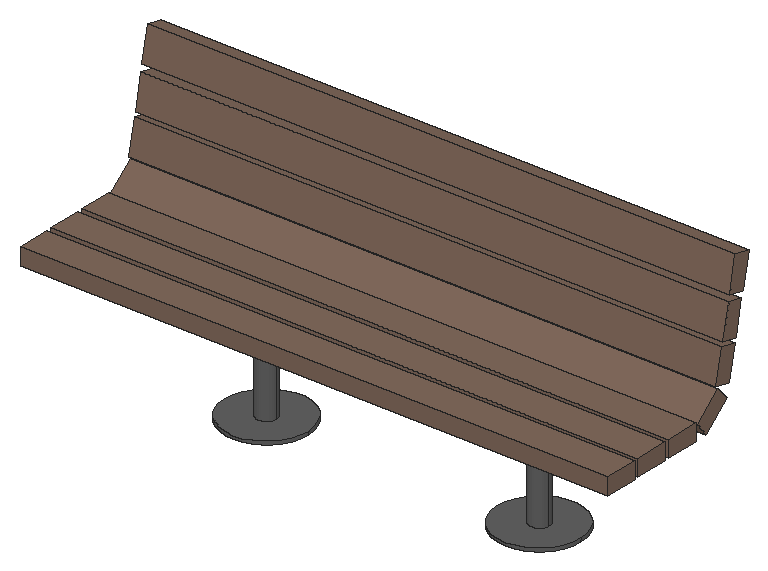
Revit family
Parameters (values of type "AV1-1020")
  URL = "http://www.sitescapesonline.com/index.asp"
  Type Comments = "Backed Bench"
  Side Panel Width = 2' - 8 1/2"
  Seat Material = Wood - SiteScapes - IPE - Brown
  Product Page URL = "http://www.sitescapesonline.com/avondale-park-benches.asp"
  Product Documentation Link = "http://www.sitescapesonline.com/PDF/AV1-1020%20-%20Customer%20Print.PDF"
  Panel Seat Inset Bottom = 1' - 4 9/16"
  Panel Seat Inset Back = 1' - 11 1/4"
  Panel Back Width = 5' - 10"
  Model = "AV1-1020"
  Manufacturer = "SiteScapes Inc."  # constant formula
  Length = 6' - 0"
  Height = 2' - 8 241/256"
  Frame Width = 5' - 10"
  Frame Side Back Inset Back = 0' - 3 19/32"
  Frame Material = Steel - SiteScapes - Powder Coat - Onyx
  Frame Back Inset Bottom = 2' - 7 9/16"
  Frame Back Inset Back = 0' - 1 3/32"
  Description = "Six foot, Backed Bench, Surface Mount"
  Depth = 1' - 9 3/32"
  Copyright © = "2010 SiteScapes Inc."  # constant formula
  Center Armrest Inset Back = 0' - 6"
  Bracing Inset Bottom = 1' - 2 23/32"
  Bracing Inset Back = 1' - 10 23/128"
  Armrest Inset Bottom = 1' - 5 15/16"
  Arm Rest Inset Back = 1' - 8"
  Arm Rest Center = Unused-SiteScapes-Component : Empty Space
  Seat Panel = Seat-Panel-SiteScapes-Post_Mount : Wood_Slats-6ft
  Back Type = Frame-Back-SiteScapes-Post_Mount : 5 5/8"x1' 3 13/32"
  Bench End = Bench-End-SiteScapes-Post_Mount : 27 3/4"x33 7/8"
Reference planes (in)
  plane 1 "Center Front/Back": y = 0
  plane 2 "Original Bottom": z = 0
  plane 3 "Center Left/Right": x = 0
  plane 4 "Left": x = -36
  plane 5 "Right": x = 36
  plane 6 "Side Panel Width L": x = -17.25
  plane 7 "Side Panel Width R": x = 17.25
  plane 8 "Front": y = -21.09375
  plane 9 "Frame Side Origin F/B": y = -3.59375
  plane 10 "Frame Side Origin T/B": z = 0
  plane 11 "Frame Back Origin F/B": y = -1.09375
  plane 12 "Frame Back Origin T/B": z = 31.5625
  plane 13 "Bracing Origin F/B": y = -22.17969
  plane 14 "Bracing Origin T/B": z = 14.71875
  plane 15 "Panel Seat Origin F/B": y = -23.25
  plane 16 "Panel Seat Origin T/B": z = 16.5625
  plane 17 "Panel Back Origin F/B": y = -2.1875
  plane 18 "Panel Back Origin T/B": z = 32.94141
  plane 19 "Panel Side Origin F/B": y = -5.5
  plane 20 "Panel Side Origin T/B": z = 14.72
  plane 21 "Top": z = 32.94141
  plane 22 "Side Panel Right": x = 16.25
  plane 23 "Side Panel Left": x = -16.25
  plane 24 "Arm Rest Origin T/B": z = 17.9375
  plane 25 "Arm Rest Origin F/B": y = -6
Dimensions and locks (in)
  equal spacing: plane 4 "Left", plane 3 "Center Left/Right", plane 5 "Right"
  "Length": plane 4 "Left" to plane 5 "Right"
  locked: plane 6 "Side Panel Width L" to plane 23 "Side Panel Left" at 1
  locked: plane 22 "Side Panel Right" to plane 7 "Side Panel Width R" at 1
  "Frame Back Inset Back": plane 11 "Frame Back Origin F/B" to plane 1 "Center Front/Back"  (x2)
  locked: plane 17 "Panel Back Origin F/B" to plane 1 "Center Front/Back" at 2.1875
  locked: plane 19 "Panel Side Origin F/B" to plane 1 "Center Front/Back" at 5.5
  "Bracing Inset Back": plane 13 "Bracing Origin F/B" to plane 1 "Center Front/Back"
  "Panel Seat Inset Back": plane 15 "Panel Seat Origin F/B" to plane 1 "Center Front/Back"
  "Depth": plane 8 "Front" to plane 1 "Center Front/Back"
  locked: plane 10 "Frame Side Origin T/B" to plane 2 "Original Bottom"
  "Frame Back Inset Bottom": plane 12 "Frame Back Origin T/B" to plane 2 "Original Bottom"
  locked: plane 18 "Panel Back Origin T/B" to plane 2 "Original Bottom" at 32.94141
  "Bracing Inset Bottom": plane 14 "Bracing Origin T/B" to plane 2 "Original Bottom"
  locked: plane 20 "Panel Side Origin T/B" to plane 2 "Original Bottom" at 14.72
  "Panel Seat Inset Bottom": plane 16 "Panel Seat Origin T/B" to plane 2 "Original Bottom"
  "Height": plane 21 "Top" to plane 2 "Original Bottom"
  equal spacing: plane 23 "Side Panel Left", plane 3 "Center Left/Right", plane 22 "Side Panel Right"
  "Side Panel Width": plane 23 "Side Panel Left" to plane 22 "Side Panel Right"
  "Armrest Inset Bottom": plane 24 "Arm Rest Origin T/B" to plane 2 "Original Bottom"
  "Center Armrest Inset Back": plane 25 "Arm Rest Origin F/B" to plane 1 "Center Front/Back"
  "Frame Side Back Inset Back": plane 9 "Frame Side Origin F/B" to plane 1 "Center Front/Back"
  aligned and locked: level to plane 2 "Original Bottom"
  aligned: nested 1 to plane 5 "Right"
  aligned: plane 4 "Left" to nested 2
  aligned: nested 1 to plane 10 "Frame Side Origin T/B"
  aligned: nested 1 to plane 9 "Frame Side Origin F/B"  (x2)
  aligned and locked: plane 3 "Center Left/Right" to nested 3
  aligned: nested 3 to plane 17 "Panel Back Origin F/B"
  aligned: plane 18 "Panel Back Origin T/B" to nested 3
  aligned and locked: plane 14 "Bracing Origin T/B" to nested 4
  aligned and locked: plane 13 "Bracing Origin F/B" to nested 4
  aligned and locked: plane 3 "Center Left/Right" to nested 4
  aligned: plane 15 "Panel Seat Origin F/B" to nested 5
  aligned and locked: plane 3 "Center Left/Right" to nested 5
  aligned: plane 10 "Frame Side Origin T/B" to nested 1  (x2)
  aligned: plane 16 "Panel Seat Origin T/B" to nested 5
  aligned: nested 1 to plane 22 "Side Panel Right"
  aligned: plane 23 "Side Panel Left" to nested 2
  aligned and locked: plane 20 "Panel Side Origin T/B" to nested 6
  aligned and locked: nested 6 to plane 19 "Panel Side Origin F/B"
  aligned and locked: nested 7 to plane 19 "Panel Side Origin F/B"
  aligned and locked: plane 20 "Panel Side Origin T/B" to nested 7
  aligned and locked: plane 23 "Side Panel Left" to nested 7
  aligned and locked: nested 6 to plane 22 "Side Panel Right"
  aligned and locked: nested 8 to plane 25 "Arm Rest Origin F/B"
  aligned and locked: plane 24 "Arm Rest Origin T/B" to nested 8
  aligned and locked: plane 3 "Center Left/Right" to nested 8
  aligned and locked: plane 10 "Frame Side Origin T/B" to nested 2
  aligned: nested 2 to plane 9 "Frame Side Origin F/B"
  aligned and locked: nested 5 to nested 9
  aligned and locked: nested 3 to nested 9
  aligned: plane 24 "Arm Rest Origin T/B" to nested 9
  aligned and locked: nested 2 to plane 23 "Side Panel Left"
  aligned and locked: nested 1 to plane 22 "Side Panel Right"
  aligned and locked: plane 16 "Panel Seat Origin T/B" to nested 5
  aligned and locked: plane 15 "Panel Seat Origin F/B" to nested 5
  aligned: plane 17 "Panel Back Origin F/B" to nested 9
  aligned and locked: nested 11 to plane 11 "Frame Back Origin F/B"
  aligned and locked: plane 12 "Frame Back Origin T/B" to nested 11
  aligned and locked: nested 3 to plane 17 "Panel Back Origin F/B"
  aligned and locked: plane 9 "Frame Side Origin F/B" to nested 1
  aligned and locked: plane 9 "Frame Side Origin F/B" to nested 2
  aligned and locked: plane 1 "Center Front/Back" to nested 10
  aligned and locked: plane 2 "Original Bottom" to nested 10
Nested families (in)
  nested 1: "Bench-End-SiteScapes-Post_Mount" at (16.25, -8.59375, 0), type <- "Bench End", type "27 3/4"x33 7/8""
  nested 2: "Bench-End-SiteScapes-Post_Mount" at (-16.25, -8.59375, 0), type <- "Bench End", type "27 3/4"x33 7/8""
  nested 3: "Unused-SiteScapes-Component" at (0, -2.1875, 17.29523), type "Empty Space", not visible
  nested 4: "Unused-SiteScapes-Component" at (0, -20.17969, 12.71875), type "Empty Space"
  nested 5: "Seat-Panel-SiteScapes-Post_Mount" at (0, -1.11544, 15.5625), type <- "Seat Panel", type "Wood_Slats-6ft"
  nested 6: "Unused-SiteScapes-Component" at (14.25, -5.5, 14.72), type "Empty Space"
  nested 7: "Unused-SiteScapes-Component" at (-14.25, -5.5, 14.72), type "Empty Space"
  nested 8: "Unused-SiteScapes-Component" at (0, -6, 17.9375), type <- "Arm Rest Center", type "Empty Space"
  nested 9: "Unused-SiteScapes-Component" at (-35.25, -2.1875, 15.5625), type "Empty Space", not visible
  nested 10: "Unused-SiteScapes-Component" at (35, -2, 0), type "Empty Space"
  nested 11: "Frame-Back-SiteScapes-Post_Mount" at (0, -1.09375, 15.5625), type <- "Back Type", type "5 5/8"x1' 3 13/32""
Definition of nested family "Bench-End-SiteScapes-Post_Mount"
  Parameters (values of type "2 3/8"x1 3/4"")
    URL = "http://www.sitescapesonline.com/index.asp"
    Post Diameter = 0' - 2 3/8"
    Manufacturer = "SiteScapes Inc."  # constant formula
    Diameter = 0' - 10"
    Product Page URL = ""
    Product Documentation Link = ""
    Material = Steel - SiteScapes - Powder Coat - Onyx
    Height = 1' - 3 1/4"
    Copyright © = "2010 SiteScapes Inc."  # constant formula
    Assembly Code = ""
  Types (2): name | Height
    2 3/8"x1 3/4" | 1' - 3 1/4"
    27 3/4"x33 7/8" | 1' - 2"
  Reference planes (in)
    plane 1 "Post Center (Front/Back)": y = 0
    plane 2 "Original Bottom": z = 0
    plane 3 "Center (Left/Right)": x = 0
    plane 4 "Left": x = -5
    plane 5 "Right": x = 5
    plane 6 "Front": y = -5
    plane 7 "Top": z = 15.25
    plane 8 "Post Right": x = 1.1875
    plane 9 "Plate Left": x = -1.1875
    plane 10 "Post Front": y = -1.1875
    plane 11 "Center (Front/Back)": y = 5
    plane 12 "Bottom Base": z = 0.375
    plane 13 "Post Back": y = 1.1875
  Forms (in)
    Extrusion 1, solid, material "Steel - SiteScapes - Powder Coat - Onyx" <- "Material", detail levels medium+fine
      sketch origin (-6, -23.5, 0) x (1, 0, 0) y (0, 1, 0)
        loop
          circle (6, 23.5) r 5
      from 0 to 0.375
    Extrusion 2, solid, material "Steel - SiteScapes - Powder Coat - Onyx" <- "Material", detail levels medium+fine
      sketch origin (-6, -23.5, 0) x (1, 0, 0) y (0, 1, 0)
        loop
          circle (6, 23.5) r 1.1875
      from 0.375 to 15.25
  Lines and regions (in)
    Masking region 1, detail levels medium+fine
      outline origin (-0.23104, -2.35657, 0) x (1, 0, 0) y (0, 1, 0)
        loop
          circle (0.23102, 2.35657) r 5
    Masking region 2, detail levels medium+fine
      outline origin (0, 0, 0) x (0, 1, 0) y (0, 0, 1)
        loop
          line (-1.1875, 15.25) -> (-1.1875, 0.375) -> (-5, 0.375) -> (-5, 0) -> (5, 0) -> (5, 0.375) -> (1.1875, 0.375) -> (1.1875, 15.25) -> (-1.1875, 15.25)
    Masking region 3, detail levels medium+fine
      outline origin (0, -5, 0) x (-1, 0, 0) y (0, 0, 1)
        loop
          line (1.1875, 15.25) -> (-1.1875, 15.25) -> (-1.1875, 0.375) -> (-5, 0.375) -> (-5, 0) -> (5, 0) -> (5, 0.375) -> (1.1875, 0.375) -> (1.1875, 15.25)
    model lines, style "Bench Frame", detail levels coarse
      curve 1: circle (0, 0, 0) r 5 normal (0, 0, 1)
      curve 2: line (0, 0, 0) -> (0, 0, 15.25)
  Dimensions and locks (in)
    "Height": plane 7 "Top" to plane 2 "Original Bottom"
    locked: plane 12 "Bottom Base" to plane 2 "Original Bottom" at 0.375
    equal spacing: plane 11 "Center (Front/Back)", plane 1 "Post Center (Front/Back)", plane 6 "Front"
    "Diameter": plane 11 "Center (Front/Back)" to plane 6 "Front"
    equal spacing: plane 9 "Plate Left", plane 3 "Center (Left/Right)", plane 8 "Post Right"
    equal spacing: plane 13 "Post Back", plane 1 "Post Center (Front/Back)", plane 10 "Post Front"
    "Post Diameter": plane 13 "Post Back" to plane 10 "Post Front"
    "Diameter": plane 4 "Left" to plane 5 "Right"
    equal spacing: plane 4 "Left", plane 3 "Center (Left/Right)", plane 5 "Right"
    "Post Diameter": plane 9 "Plate Left" to plane 8 "Post Right"
    aligned and locked: plane 2 "Original Bottom" to level
    aligned and locked: Extrusion 2 to Extrusion 1
    aligned and locked: plane 12 "Bottom Base" to Extrusion 1
    aligned and locked: Extrusion 1 to plane 2 "Original Bottom"
    aligned and locked: plane 1 "Post Center (Front/Back)" to Extrusion 2 sketch curve  (x3)
    aligned and locked: plane 3 "Center (Left/Right)" to Extrusion 2 sketch curve
    aligned and locked: plane 9 "Plate Left" to Extrusion 2 sketch curve
    aligned and locked: plane 1 "Post Center (Front/Back)" to Extrusion 1 sketch curve  (x2)
    aligned and locked: plane 4 "Left" to Extrusion 1 sketch curve
    aligned and locked: plane 5 "Right" to Extrusion 1 sketch curve
    aligned and locked: plane 10 "Post Front" to Masking region 2 sketch curve
    aligned and locked: Masking region 2 sketch curve to plane 13 "Post Back"
    aligned and locked: plane 12 "Bottom Base" to Masking region 2 sketch curve
    aligned and locked: Masking region 2 sketch curve to plane 6 "Front"
    aligned and locked: plane 11 "Center (Front/Back)" to Masking region 2 sketch curve
    aligned and locked: Masking region 2 sketch curve to plane 12 "Bottom Base"
    aligned and locked: Masking region 3 to plane 7 "Top"
    aligned and locked: Masking region 3 to plane 8 "Post Right"
    aligned and locked: Masking region 3 to plane 9 "Plate Left"
    aligned and locked: Masking region 3 to plane 4 "Left"
    aligned and locked: Masking region 3 to plane 5 "Right"
    aligned and locked: level to Masking region 3
    aligned and locked: Masking region 3 to plane 12 "Bottom Base"  (x2)
    aligned and locked: plane 7 "Top" to Masking region 2
    aligned and locked: Masking region 2 to level
    aligned and locked: curve 1 to Extrusion 1  (x2)
    aligned and locked: Masking region 2 sketch curve to plane 7 "Top"
    aligned and locked: Masking region 2 sketch curve to plane 2 "Original Bottom"
    aligned and locked: plane 2 "Original Bottom" to curve 2
    aligned and locked: curve 2 to plane 1 "Post Center (Front/Back)"
    aligned and locked: plane 7 "Top" to curve 2
    aligned and locked: plane 3 "Center (Left/Right)" to Masking region 1 sketch curve
    aligned and locked: plane 11 "Center (Front/Back)" to Masking region 1 sketch curve
    aligned and locked: Masking region 3 sketch curve to plane 12 "Bottom Base"  (x2)
    aligned and locked: Masking region 3 sketch curve to plane 5 "Right"
    aligned and locked: plane 2 "Original Bottom" to Masking region 3 sketch curve
    aligned and locked: Masking region 3 sketch curve to plane 8 "Post Right"
    aligned and locked: Masking region 3 sketch curve to plane 9 "Plate Left"
    aligned and locked: Masking region 3 sketch curve to plane 4 "Left"
    aligned and locked: Masking region 3 sketch curve to plane 7 "Top"
    aligned and locked: plane 7 "Top" to Extrusion 2
  Automatic sketch dimensions
    Masking region 1 sketch curve to Masking region 1 sketch curve = 0' - 0"
    plane 1 "Post Center (Front/Back)" to Masking region 1 sketch curve = 0' - 0"
    Masking region 1 sketch curve to plane 3 "Center (Left/Right)" = 0' - 0.00002"
    Masking region 1 sketch curve to plane 3 "Center (Left/Right)" = 0' - 0.00005"
Definition of nested family "Seat-Panel-SiteScapes-Post_Mount"
  Parameters (values of type "Wood_Slats-6ft")
    Width = 5' - 10"
    Product Page URL = ""
    Product Documentation Link = ""
    Material = Wood - SiteScapes - IPE - Brown
    Height = 0' - 1"
    Depth = 1' - 10.13456"
    Copyright © = ""
    Assembly Code = ""
  Types (2): name | Width
    Wood_Slats-6ft | 5' - 10"
    Wood_Slats-8ft | 7' - 10"
  Reference planes (in)
    plane 1 "Center (Front/Back)": y = 0
    plane 2 "Original Bottom": z = 0
    plane 3 "Center (Left/Right)": x = 0
    plane 4 "Left": x = -35
    plane 5 "Right": x = 35
    plane 6 "Front": y = -22.13456
    plane 7 "Top": z = 1
    plane 8 "Angle 2": through (0, -5.16859, 0.66115) normal (0, -0.6293, 0.7771)
    plane 9 "Angle 3": through (0, -2.11609, 4.15695) normal (0, -0.9838, 0.1794)
  Forms (in)
    Sweep 1, solid, material "Wood - SiteScapes - IPE - Brown" <- "Material", detail levels medium+fine
      path origin (0, 0.69706, -0.00415) x (1, 0, 0) y (0, 0, 1)
        loop
          line (35, 1) -> (-35, 1)
      profile origin (0, 0.69706, 0.99585) x (0, 0, -1) y (0, -1, 0)
        loop
          line (-1.6453, 3.67179) -> (0.87198, 6.78038) -> (-0.68231, 8.03902) -> (-3.19959, 4.93044) -> (-1.6453, 3.67179)
        loop
          line (1, 8.24942) -> (1, 12.24942) -> (-1, 12.24942) -> (-1, 8.24942) -> (1, 8.24942)
        loop
          line (1, 12.87442) -> (1, 16.87442) -> (-1, 16.87442) -> (-1, 12.87442) -> (1, 12.87442)
        loop
          line (1, 17.43692) -> (1, 21.43692) -> (-1, 21.43692) -> (-1, 17.43692) -> (1, 17.43692)
        loop
          line (-6.98984, 2.46817) -> (-3.08215, 3.32251) -> (-3.50184, 5.24217) -> (-7.40954, 4.38783) -> (-6.98984, 2.46817)
        loop
          line (-11.38601, 1.50705) -> (-7.47831, 2.36138) -> (-7.898, 4.28104) -> (-11.8057, 3.42671) -> (-11.38601, 1.50705)
        loop
          line (-16.01886, 0.45835) -> (-12.11116, 1.31268) -> (-12.53833, 3.26653) -> (-16.44603, 2.4122) -> (-16.01886, 0.45835)
  Lines and regions (in)
    Masking region 1, detail levels medium+fine
      outline origin (0, 0, 0) x (1, 0, 0) y (0, 1, 0)
        loop
          line (35, -22.87442) -> (35, -18.88456) -> (-35, -18.88456) -> (-35, -22.87442) -> (35, -22.87442)
        loop
          line (35, -17.53951) -> (35, -12.17737) -> (-35, -12.17737) -> (-35, -17.53951) -> (35, -17.53951)
        loop
          line (-35, -7.55237) -> (-35, -11.55237) -> (35, -11.55237) -> (35, -7.55237) -> (-35, -7.55237)
        loop
          line (35, -7.34196) -> (35, -6.08332) -> (-35, -6.08332) -> (-35, -7.34196) -> (35, -7.34196)
        loop
          line (-35, -3.67366) -> (-35, -5.74413) -> (35, -5.74413) -> (35, -3.67366) -> (-35, -3.67366)
        loop
          line (-35, -3.58398) -> (35, -3.58398) -> (35, -1.08185) -> (-35, -1.08185) -> (-35, -3.58398)
        loop
          line (-35, 0.23871) -> (-35, -1.01678) -> (35, -1.01678) -> (35, 0.23871) -> (-35, 0.23871)
    Masking region 2, detail levels medium+fine
      outline origin (0, 0, 0) x (0, 1, 0) y (0, 0, 1)
        loop
          line (-20.73987, 1.99585) -> (-20.73987, -0.00415) -> (-16.73987, -0.00415) -> (-16.73987, 1.99585) -> (-20.73987, 1.99585)
        loop
          line (-16.17737, 1.99585) -> (-16.17737, -0.00415) -> (-12.17737, -0.00415) -> (-12.17737, 1.99585) -> (-16.17737, 1.99585)
        loop
          line (-11.55237, 1.99585) -> (-11.55237, -0.00415) -> (-7.55237, -0.00415) -> (-7.55237, 1.99585) -> (-11.55237, 1.99585)
        loop
          line (-4.23338, 4.19544) -> (-7.34196, 1.67816) -> (-6.08332, 0.12387) -> (-2.97474, 2.64115) -> (-4.23338, 4.19544)
        loop
          line (-4.54511, 4.49769) -> (-2.62545, 4.07799) -> (-1.77112, 7.98569) -> (-3.69078, 8.40538) -> (-4.54511, 4.49769)
        loop
          line (-2.72965, 12.80155) -> (-3.58398, 8.89385) -> (-1.66432, 8.47415) -> (-0.80999, 12.38185) -> (-2.72965, 12.80155)
        loop
          line (-2.56948, 13.53417) -> (-0.61563, 13.10701) -> (0.23871, 17.01471) -> (-1.71514, 17.44187) -> (-2.56948, 13.53417)
    Masking region 3, detail levels medium+fine
      outline origin (0, -22.13456, 0) x (-1, 0, 0) y (0, 0, 1)
        loop
          line (35, 17.44187) -> (-35, 17.44187) -> (-35, 13.0397) -> (35, 13.0397) -> (35, 17.44187)
        loop
          line (35, 12.80155) -> (-35, 12.80155) -> (-35, 8.27478) -> (35, 8.27478) -> (35, 12.80155)
        loop
          line (35, 7.98569) -> (-35, 7.98569) -> (-35, 4.24264) -> (35, 4.24264) -> (35, 7.98569)
        loop
          line (35, 1) -> (-35, 1) -> (-35, -0.00415) -> (35, -0.00415) -> (35, 1)
        loop
          line (35, 4.07799) -> (-35, 4.07799) -> (-35, 1.67816) -> (35, 1.67816) -> (35, 4.07799)
    model lines, style "Bench Backrest", detail levels coarse
      curve 1: line (-35, -20.13456, 1) -> (35, -20.13456, 1)
      curve 2: line (-35.25, -13, 1) -> (34.75, -13, 1)
      curve 3: line (-35, -8, 1) -> (35, -8, 1)
      curve 4: line (35, -3.66421, 4.24264) -> (-35, -3.66421, 4.24264)
      curve 5: line (-35, -1.97038, 8.27478) -> (35, -1.97038, 8.27478)
      curve 6: line (-35, -0.56422, 13.0397) -> (35, -0.56422, 13.0397)
      curve 7: line (-34, -4.22755, 1.42319) -> (34, -4.22755, 1.42319)
      curve 8: line (-34, -1.8239, 5.75959) -> (34, -1.8239, 5.75959)
      curve 9: line (-34, -1.01678, 10.18662) -> (34, -1.01678, 10.18662)
      curve 10: line (-34, -0.16483, 14.85953) -> (34, -0.16483, 14.85953)
    model lines, detail levels coarse
      curve 11: line (0, -0.73822, 17.22829) -> (0, -1.59255, 13.32059)
      curve 12: line (0, -1.76982, 12.5917) -> (0, -2.62415, 8.684)
      curve 13: line (0, -2.73095, 8.19554) -> (0, -3.58528, 4.28784)
      curve 14: line (0, -3.60406, 3.41829) -> (0, -6.71264, 0.90101)
      curve 15: line (0, -7.55237, 0.99585) -> (0, -11.55237, 0.99585)
      curve 16: line (0, -12.17737, 0.99585) -> (0, -16.17737, 0.99585)
      curve 17: line (0, -16.73987, 0.99585) -> (0, -20.73987, 0.99585)
  Dimensions and locks (in)
    equal spacing: plane 4 "Left", plane 3 "Center (Left/Right)", plane 5 "Right"
    "Width": plane 4 "Left" to plane 5 "Right"
    "Depth": plane 6 "Front" to plane 1 "Center (Front/Back)"
    "Height": plane 7 "Top" to plane 2 "Original Bottom"
    aligned and locked: plane 2 "Original Bottom" to level
    aligned and locked: Masking region 2 sketch curve to Sweep 1  (x28)
    aligned and locked: plane 5 "Right" to Sweep 1 sketch curve
    aligned and locked: plane 4 "Left" to Sweep 1 sketch curve
    aligned: Masking region 1 sketch curve to Sweep 1
    aligned and locked: Masking region 1 sketch curve to Sweep 1  (x7)
    aligned and locked: Masking region 1 sketch curve to curve 9
    aligned: Masking region 1 to Sweep 1
    aligned and locked: Masking region 3 sketch curve to Sweep 1  (x9)
    aligned and locked: Sweep 1 to Masking region 3 sketch curve  (x3)
    aligned and locked: Masking region 3 sketch curve to curve 6
    aligned and locked: Masking region 3 sketch curve to curve 5
    aligned and locked: plane 5 "Right" to Masking region 3 sketch curve
    aligned and locked: Masking region 3 sketch curve to curve 1
  Automatic sketch dimensions
    curve 7 to plane 5 "Right" = 0' - 1"
    curve 7 to plane 4 "Left" = 0' - 1"
    curve 10 to plane 4 "Left" = 0' - 1"
    curve 9 to plane 5 "Right" = 0' - 1"
    curve 10 to curve 9 = 0' - 4.74993"
    curve 8 to plane 5 "Right" = 0' - 1"
    curve 9 to curve 8 = 0' - 4 1/2"
    curve 9 to plane 4 "Left" = 0' - 1"
    curve 8 to plane 4 "Left" = 0' - 1"
    curve 10 to plane 5 "Right" = 0' - 1"
    curve 4 to plane 5 "Right" = 0' - 0"
    curve 4 to plane 4 "Left" = 0' - 0"
    curve 5 to plane 5 "Right" = 0' - 0"
    curve 5 to plane 4 "Left" = 0' - 0"
    curve 6 to plane 5 "Right" = 0' - 0"
    curve 6 to plane 4 "Left" = 0' - 0"
    Sweep 1 sketch curve to plane 7 "Top" = 0' - 0.00415"
    curve 3 to plane 4 "Left" = 0' - 0"
    curve 3 to plane 5 "Right" = 0' - 0"
    curve 1 to plane 5 "Right" = 0' - 0"
    curve 1 to plane 4 "Left" = 0' - 0"
    plane 1 "Center (Front/Back)" to curve 3 = 0' - 8"
    curve 2 to plane 5 "Right" = 0' - 0 1/4"
    curve 3 to curve 2 = 0' - 5"
    plane 6 "Front" to curve 1 = 0' - 2"
    plane 4 "Left" to curve 2 = 0' - 0 1/4"
    Masking region 1 sketch curve to plane 4 "Left" = 0' - 0"  (x7)
    Masking region 1 sketch curve to plane 5 "Right" = 0' - 0"  (x7)
    Masking region 1 sketch curve to plane 6 "Front" = 0' - 0.73987"
    Masking region 1 sketch curve to Masking region 1 sketch curve = 0' - 1.34504"
    Masking region 1 sketch curve to Masking region 1 sketch curve = 0' - 0.33919"
    Masking region 1 sketch curve to Masking region 1 sketch curve = 0' - 0.06507"
    Masking region 1 sketch curve to Masking region 1 sketch curve = 0' - 0.08968"
    profile plane to Sweep 1 sketch curve = 0' - 2.4122"
    profile plane to Sweep 1 sketch curve = 1' - 4.44603"
    profile plane to Sweep 1 sketch curve = 0' - 0.45835"
    Sweep 1 sketch curve to Sweep 1 sketch curve = 0' - 0.42717"
    profile plane to Sweep 1 sketch curve = 0' - 3.26653"
    profile plane to Sweep 1 sketch curve = 0' - 3.42671"
    Sweep 1 sketch curve to Sweep 1 sketch curve = 0' - 0.73263"
    profile plane to Sweep 1 sketch curve = 0' - 1.50705"
    Sweep 1 sketch curve to Sweep 1 sketch curve = 0' - 0.72515"
    profile plane to Sweep 1 sketch curve = 0' - 4.28104"
    Sweep 1 sketch curve to Sweep 1 sketch curve = 0' - 0.48846"  (x2)
    profile plane to Sweep 1 sketch curve = 0' - 2.46817"
    profile plane to Sweep 1 sketch curve = 0' - 3.50184"
    Sweep 1 sketch curve to Sweep 1 sketch curve = 0' - 0.30225"
    Sweep 1 sketch curve to Sweep 1 sketch curve = 0' - 1.43684"
    profile plane to Sweep 1 sketch curve = 0' - 1"  (x2)
    Sweep 1 sketch curve to Sweep 1 sketch curve = 0' - 0"  (x3)
    Sweep 1 sketch curve to Sweep 1 sketch curve = 0' - 0.31769"
    Sweep 1 sketch curve to profile plane = 0' - 1"
    profile plane to Sweep 1 sketch curve = 0' - 3.32251"
    Sweep 1 sketch curve to Sweep 1 sketch curve = 0' - 0.34929"
    Sweep 1 sketch curve to Sweep 1 sketch curve = 0' - 0.31173"
    Sweep 1 sketch curve to Sweep 1 sketch curve = 0' - 0.2104"
    Sweep 1 sketch curve to Sweep 1 sketch curve = 0' - 4"  (x3)
    Sweep 1 sketch curve to Sweep 1 sketch curve = 0' - 0 5/8"
    Sweep 1 sketch curve to Sweep 1 sketch curve = 0' - 0 9/16"
    plane 6 "Front" to Masking region 1 sketch curve = 0' - 3 1/4"
    curve 17 to plane 7 "Top" = 0' - 0.00415"
    plane 6 "Front" to curve 17 = 0' - 1.39469"
    curve 17 to curve 17 = 0' - 4"
    curve 16 to plane 7 "Top" = 0' - 0.00415"
    curve 17 to curve 16 = 0' - 0 9/16"
    curve 16 to curve 16 = 0' - 4"
    curve 15 to plane 7 "Top" = 0' - 0.00415"
    curve 16 to curve 15 = 0' - 0 5/8"
    curve 15 to curve 15 = 0' - 4"
    curve 14 to plane 7 "Top" = 0' - 0.09899"
    curve 15 to curve 14 = 0' - 0.83973"
    plane 1 "Center (Front/Back)" to curve 14 = 0' - 3.60406"
    curve 14 to curve 13 = 0' - 0.01878"
    plane 1 "Center (Front/Back)" to curve 13 = 0' - 2.73095"
    curve 13 to curve 12 = 0' - 0.10679"
    plane 1 "Center (Front/Back)" to curve 12 = 0' - 1.76982"
    curve 12 to curve 11 = 0' - 0.17727"
    plane 1 "Center (Front/Back)" to curve 11 = 0' - 0.73822"
    plane 7 "Top" to curve 14 = 0' - 2.41829"
    curve 14 to curve 13 = 0' - 0.86955"
    curve 13 to curve 13 = 0' - 3.9077"
    curve 13 to curve 12 = 0' - 0.48846"
    curve 12 to curve 12 = 0' - 3.9077"
    curve 12 to curve 11 = 0' - 0.72889"
    curve 11 to curve 11 = 0' - 3.9077"
    Masking region 3 sketch curve to plane 5 "Right" = 0' - 0"
    plane 4 "Left" to Masking region 3 sketch curve = 0' - 0"
    Masking region 3 sketch curve to Masking region 3 sketch curve = 0' - 0.16465"
    Masking region 3 sketch curve to Masking region 3 sketch curve = 0' - 0.28909"
Definition of nested family "Frame-Back-SiteScapes-Post_Mount"
  Parameters (values of type "5 5/8"x1' 3 13/32"")
    Width = 6' - 0"
    URL = "http://www.sitescapesonline.com/index.asp"
    Spacing Width = if(Width > 6' 0", 6' 0", 2' 8 1/2")  # 2' - 8 1/2"
    Product Page URL = ""
    Product Documentation Link = ""
    Material = Steel - SiteScapes - Powder Coat - Onyx
    Manufacturer = "SiteScapes Inc."  # constant formula
    Height = 1' - 4"
    Has Support Bars [instance] = yes
    For 96" = or(Width = 8' 0")  # no
    Depth = 1' - 8"
    Copyright © = "2010 SiteScapes Inc."  # constant formula
  Reference planes (in)
    plane 1 "Center (Front/Back)": y = 0
    plane 2 "Original Bottom": z = 0
    plane 3 "Center (Left/Right)": x = 0
    plane 4 "Left": x = -36
    plane 5 "Right": x = 36
    plane 6 "Top": z = 16
    plane 7 "Bar 3 Right": x = 17
    plane 8 "Bar 3 Left": x = 15.5
    plane 9 "Bar 2 Right": x = -15.5
    plane 10 "Bar 2 Left": x = -17
    plane 11 "Right Inset": x = 35.5
    plane 12 "Left Inset": x = -35.5
    plane 13 "Front": y = -20
    plane 14 "Bar 2": x = -16.25
    plane 15 "Bar 3": x = 16.25
    plane 16 "Bottom Offset": z = -0.3125
    plane 17: x = 0.75
    plane 18: x = -0.75
  Forms (in)
    Sweep 1, solid, material "Steel - SiteScapes - Powder Coat - Onyx" <- "Material", visible <- "Has Support Bars", detail levels medium+fine
      path origin (0, -15.28713, -0.88621) x (0, 1, 0) y (0, 0, 1)
        loop
          line (-4.71287, 0.88621) -> (9.03713, 0.88621) -> (12.34001, 3.56082) -> (15.28713, 16.88621)
      profile origin (0, -13.125, 0) x (0, 0, 1) y (1, 0, 0)
        loop
          line (0, 17) -> (-0.3125, 17) -> (-0.3125, 15.5) -> (0, 15.5) -> (0, 17)
        loop
          line (0, -15.5) -> (-0.3125, -15.5) -> (-0.3125, -17) -> (0, -17) -> (0, -15.5)
    Sweep 2, solid, material "Steel - SiteScapes - Powder Coat - Onyx" <- "Material", visible <- "For 96"", detail levels medium+fine
      path origin (0, 0, 0) x (0, 1, 0) y (0, 0, 1)
        loop
          line (0, 16) -> (-2.94713, 2.67461) -> (-6.25, 0) -> (-20, 0)
      profile origin (0, -13.125, 0) x (0, 0, -1) y (1, 0, 0)
        loop
          line (0, -0.75) -> (0.3125, -0.75) -> (0.3125, 0.75) -> (0, 0.75) -> (0, -0.75)
  Lines and regions (in)
    Masking region 1, detail levels medium+fine
      outline origin (0, 0, 0) x (0, 1, 0) y (0, 0, 1)
        loop
          line (-2.94713, 2.67461) -> (-6.25, 0) -> (-20, 0) -> (-20, -0.3125) -> (-6.13934, -0.3125) -> (-2.66559, 2.50049) -> (0.30513, 15.93252) -> (0, 16) -> (-2.94713, 2.67461)
    Masking region 2, detail levels medium+fine
      outline origin (0, -5.625, 0) x (-1, 0, 0) y (0, 0, 1)
        loop
          line (17, 16) -> (15.5, 16) -> (15.5, -0.3125) -> (17, -0.3125) -> (17, 16)
        loop
          line (-15.5, 16) -> (-17, 16) -> (-17, -0.3125) -> (-15.5, -0.3125) -> (-15.5, 16)
    Masking region 3, detail levels medium+fine
      outline origin (0, 0, 0) x (1, 0, 0) y (0, 1, 0)
        loop
          line (-17, 0.30513) -> (-17, -20) -> (-15.5, -20) -> (-15.5, 0.30513) -> (-17, 0.30513)
        loop
          line (15.5, 0.30513) -> (15.5, -20) -> (17, -20) -> (17, 0.30513) -> (15.5, 0.30513)
    Masking region 4, detail levels medium+fine
      outline origin (0, 0, 0) x (1, 0, 0) y (0, 1, 0)
        loop
          line (-0.75, 0.30513) -> (-0.75, -20) -> (0.75, -20) -> (0.75, 0.30513) -> (-0.75, 0.30513)
    Masking region 5, visible <- "For 96"", detail levels medium+fine
      outline origin (0, -5.625, 0) x (-1, 0, 0) y (0, 0, 1)
        loop
          line (0.75, 16) -> (-0.75, 16) -> (-0.75, -0.3125) -> (0.75, -0.3125) -> (0.75, 16)
    model lines, style "Bench Frame", detail levels coarse
      curve 1: line (-16.25, 0, 16) -> (-16.25, -2.94713, 2.67461)
      curve 2: line (-16.25, -2.94713, 2.67461) -> (-16.25, -6.25, 0)
      curve 3: line (-16.25, -6.25, 0) -> (-16.25, -20, 0)
      curve 4: line (16.25, -6.25, 0) -> (16.25, -20, 0)
      curve 5: line (16.25, -6.25, 0) -> (16.25, -2.94713, 2.67461)
      curve 6: line (16.25, -2.94713, 2.67461) -> (16.25, 0, 16)
    model lines, style "Bench Frame", visible <- "For 96"", detail levels coarse
      curve 7: line (0, -6.25, 0) -> (0, -20, 0)
      curve 8: line (0, -2.94713, 2.67461) -> (0, -6.25, 0)
      curve 9: line (0, 0.00403, 16.01824) -> (0, -2.94713, 2.67461)
  Dimensions and locks (in)
    equal spacing: plane 4 "Left", plane 3 "Center (Left/Right)", plane 5 "Right"
    "Width": plane 4 "Left" to plane 5 "Right"
    "Height": plane 6 "Top" to plane 2 "Original Bottom"
    locked: plane 8 "Bar 3 Left" to plane 7 "Bar 3 Right" at 1.5
    locked: plane 10 "Bar 2 Left" to plane 9 "Bar 2 Right" at 1.5
    locked: plane 4 "Left" to plane 12 "Left Inset" at 0.5
    locked: plane 11 "Right Inset" to plane 5 "Right" at 0.5
    "Depth": plane 13 "Front" to plane 1 "Center (Front/Back)"
    equal spacing: Sweep 1, curve 1, Sweep 1, locked at 0.75 each
    equal spacing: plane 9 "Bar 2 Right", curve 2, plane 10 "Bar 2 Left", locked at 0.75 each
    equal spacing: Sweep 1, curve 6, Sweep 1, locked at 0.75 each
    equal spacing: Sweep 1, curve 5, Sweep 1, locked at 0.75 each
    equal spacing: plane 8 "Bar 3 Left", plane 15 "Bar 3", plane 7 "Bar 3 Right"
    equal spacing: plane 10 "Bar 2 Left", plane 14 "Bar 2", plane 9 "Bar 2 Right"
    locked: plane 13 "Front" to plane 1 "Center (Front/Back)" at 20
    locked: plane 2 "Original Bottom" to plane 16 "Bottom Offset" at 0.3125
    equal spacing: plane 14 "Bar 2", plane 3 "Center (Left/Right)", plane 15 "Bar 3"
    "Spacing Width": plane 14 "Bar 2" to plane 15 "Bar 3"
    locked: plane 18 to plane 17 at 1.5
    plane 18 to plane 17 = 0' - 1 1/2"
    equal spacing: plane 18, plane 3 "Center (Left/Right)", plane 17
    aligned and locked: plane 2 "Original Bottom" to level
    aligned and locked: Sweep 1 sketch curve to plane 7 "Bar 3 Right"
    aligned and locked: plane 8 "Bar 3 Left" to Sweep 1 sketch curve
    aligned and locked: Sweep 1 sketch curve to plane 9 "Bar 2 Right"
    aligned and locked: plane 10 "Bar 2 Left" to Sweep 1 sketch curve
    aligned and locked: Sweep 1 sketch curve to level
    aligned and locked: Masking region 1 to Sweep 1  (x5)
    aligned and locked: Sweep 1 to Masking region 1  (x3)
    aligned and locked: Masking region 2 to plane 6 "Top"  (x2)
    aligned: plane 2 "Original Bottom" to Masking region 2  (x2)
    aligned and locked: plane 10 "Bar 2 Left" to Masking region 2
    aligned and locked: Masking region 2 to plane 9 "Bar 2 Right"
    aligned and locked: plane 8 "Bar 3 Left" to Masking region 2
    aligned and locked: Masking region 2 to plane 7 "Bar 3 Right"
    aligned and locked: Masking region 2 to Sweep 1  (x2)
    aligned and locked: plane 10 "Bar 2 Left" to Masking region 3 sketch curve
    aligned and locked: Masking region 3 sketch curve to plane 9 "Bar 2 Right"
    aligned and locked: plane 13 "Front" to Masking region 3 sketch curve  (x2)
    aligned and locked: Masking region 3 sketch curve to Sweep 1  (x2)
    aligned and locked: plane 8 "Bar 3 Left" to Masking region 3 sketch curve
    aligned and locked: Masking region 3 sketch curve to plane 7 "Bar 3 Right"
    aligned and locked: Masking region 1 to plane 2 "Original Bottom"
    aligned and locked: Sweep 1 to curve 4
    aligned and locked: Sweep 1 to curve 5
    aligned and locked: curve 5 to curve 4
    aligned and locked: curve 6 to Sweep 1
    aligned and locked: curve 5 to curve 6
    aligned and locked: curve 2 to curve 3
    aligned and locked: Sweep 1 to curve 3  (x2)
    aligned and locked: curve 1 to Sweep 1
    aligned and locked: curve 1 to curve 2
    aligned and locked: Sweep 1 to plane 16 "Bottom Offset"  (x2)
    aligned and locked: Sweep 2 sketch curve to Sweep 1  (x3)
    aligned and locked: plane 18 to Sweep 2 sketch curve
    aligned and locked: Sweep 2 sketch curve to plane 17
    aligned and locked: plane 16 "Bottom Offset" to Sweep 2 sketch curve
    aligned and locked: Sweep 2 sketch curve to plane 2 "Original Bottom"
    aligned and locked: plane 18 to Masking region 4 sketch curve
    aligned and locked: Masking region 4 sketch curve to plane 17
    aligned and locked: plane 13 "Front" to Masking region 4 sketch curve
    aligned and locked: Masking region 4 sketch curve to Sweep 2
    aligned and locked: curve 7 to plane 3 "Center (Left/Right)"
    aligned and locked: Sweep 2 to curve 7
    aligned and locked: curve 8 to plane 3 "Center (Left/Right)"
    aligned and locked: Sweep 2 to curve 8
    aligned and locked: curve 8 to curve 7
    aligned and locked: curve 9 to plane 3 "Center (Left/Right)"
    aligned and locked: plane 18 to Masking region 5 sketch curve
    aligned and locked: Masking region 5 sketch curve to plane 17
    aligned and locked: Masking region 5 sketch curve to plane 6 "Top"
    aligned and locked: plane 16 "Bottom Offset" to Masking region 5 sketch curve
  Automatic sketch dimensions
    Sweep 1 sketch curve to plane 13 "Front" = 0' - 0"
    Sweep 1 sketch curve to plane 1 "Center (Front/Back)" = 0' - 0"
    Sweep 1 sketch curve to plane 6 "Top" = 0' - 0"
    plane 1 "Center (Front/Back)" to Sweep 1 sketch curve = 0' - 6 1/4"
    plane 1 "Center (Front/Back)" to Sweep 1 sketch curve = 0' - 2.94713"
    level to Sweep 1 sketch curve = 0' - 2.67461"
    Sweep 1 sketch curve to profile plane = 0' - 0"  (x2)
    profile plane to Sweep 1 sketch curve = 0' - 0 5/16"  (x2)
    Masking region 1 sketch curve to plane 13 "Front" = 0' - 0"
    Masking region 1 sketch curve to level = 0' - 0"
    Masking region 1 sketch curve to plane 16 "Bottom Offset" = 0' - 0"
    Masking region 1 sketch curve to plane 1 "Center (Front/Back)" = 0' - 0"
    Masking region 1 sketch curve to plane 6 "Top" = 0' - 0"
    plane 1 "Center (Front/Back)" to Masking region 1 sketch curve = 0' - 6 1/4"
    Masking region 1 sketch curve to Masking region 1 sketch curve = 0' - 0.11066"
    plane 1 "Center (Front/Back)" to Masking region 1 sketch curve = 0' - 2.94713"
    Masking region 1 sketch curve to Masking region 1 sketch curve = 0' - 0.28154"
    Masking region 1 sketch curve to plane 1 "Center (Front/Back)" = 0' - 0.30513"
    level to Masking region 1 sketch curve = 0' - 2.50049"
    Masking region 2 sketch curve to plane 6 "Top" = 0' - 0"  (x2)
    Masking region 2 sketch curve to plane 7 "Bar 3 Right" = 0' - 0"
    Masking region 2 sketch curve to plane 8 "Bar 3 Left" = 0' - 0"
    Masking region 2 sketch curve to plane 9 "Bar 2 Right" = 0' - 0"
    Masking region 2 sketch curve to plane 10 "Bar 2 Left" = 0' - 0"
    Masking region 2 sketch curve to plane 16 "Bottom Offset" = 0' - 0"  (x2)
    curve 2 to Sweep 1 = 0' - 0"  (x2)
    Sweep 1 to curve 8 = 0' - 0"
    Sweep 1 to curve 7 = 0' - 0"
    Sweep 1 to curve 3 = 0' - 0 3/4"
    curve 4 to Sweep 1 = 0' - 0"  (x2)
    Sweep 1 to curve 4 = 0' - 0 3/4"
    curve 5 to Sweep 1 = 0' - 0"
    curve 6 to Sweep 1 = 0' - 0"
    Sweep 2 sketch curve to plane 13 "Front" = 0' - 0"
    Sweep 2 sketch curve to plane 1 "Center (Front/Back)" = 0' - 0"
    curve 1 to Sweep 1 = 0' - 0"
    Sweep 1 to curve 9 = 0' - 0"
    curve 9 to Sweep 1 = 0' - 0.01868"
    curve 9 to Sweep 1 = 1' - 3 1/2"
Definition of nested family "Unused-SiteScapes-Component"
  Parameters (values of type "Empty Space")
    Radius = Diameter / 2  # 0' - 2"
    Diameter = 0' - 4"
    Product Page URL = ""
    Product Documentation Link = ""
    Height = 0' - 2"
    Copyright © = ""
    Assembly Code = ""
  Reference planes (in)
    plane 1 "Center (Front/Back)": y = 0
    plane 2 "Original Bottom": z = 0
    plane 3 "Center (Left/Right)": x = 0
    plane 4 "Left": x = -2
    plane 5 "Right": x = 2
    plane 6 "Front": y = -2
    plane 7 "Top": z = 2
    plane 8 "Back": y = 2
  Dimensions and locks (in)
    equal spacing: plane 4 "Left", plane 3 "Center (Left/Right)", plane 5 "Right"
    "Diameter": plane 4 "Left" to plane 5 "Right"
    "Height": plane 7 "Top" to plane 2 "Original Bottom"
    equal spacing: plane 8 "Back", plane 1 "Center (Front/Back)", plane 6 "Front"
    "Diameter": plane 6 "Front" to plane 8 "Back"
    aligned and locked: plane 2 "Original Bottom" to level
